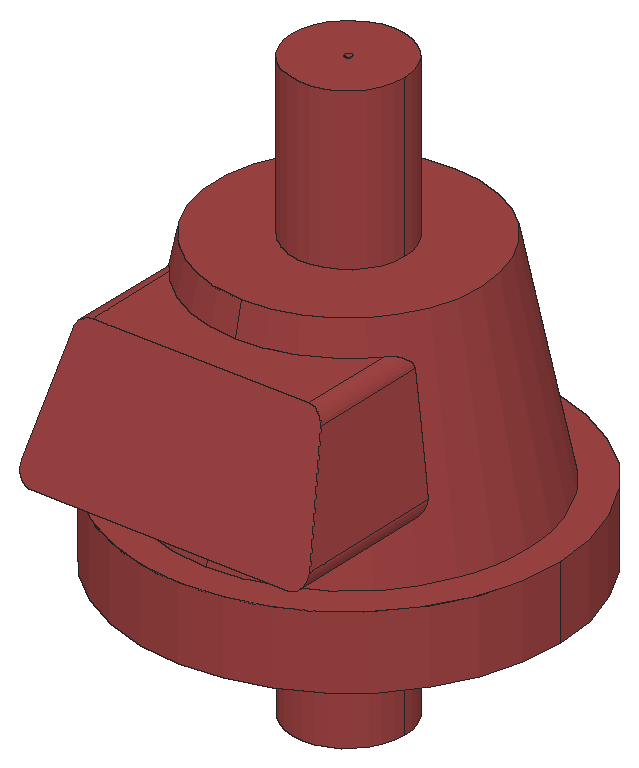
Revit family
Parameters (values of type "3" G/G")
  Weight = 0.13 kip
  Viking Part Number = "13764"
  Valve Radius = 1.750"
  Valve Nominal Radius = 1.500"
  Valve Height = 18.266"
  URL = "http://www.vikinggroupinc.com/databook/drysystems/equipment/011507.pdf"
  Rev. Date = ""
  Pressure Rating = 175.00 psi
  Model = "F-2"
  Manufacturer = "The Viking Corporation"
  Friction Loss (Feet of Sch 40 Pipe) = 3.000"
  Flange Thickness = 0.750"
  Flange Radius Top = 0.100"
  Flange Radius Bottom = 0.100"
  Description = "Dry Pipe Valve"
  Cover Top = 1.000"
  Cover Front Bottom Edge = 7.301"
  Cover Angle = 20.00°
  Body Sweep Top Radius = 4.145"
  Body Sweep Top = 13.305"
  Body Sweep Lower Radius = 5.543"
  Body Major Dia Top = 6.508"
  Body Major Radius = 6.578"
  Body Bottom = 4.250"
  Assembly Code = ""
Types (3): name | Weight | Viking Part Number | Valve Radius | Valve Nominal Radius | Valve Height | Friction Loss (Feet of Sch 40 Pipe) | Flange Thickness | Cover Front Bottom Edge | Cover Angle | Body Sweep Top Radius | Body Sweep Top | Body Sweep Lower Radius | Body Major Dia Top | Body Major Radius | Body Bottom
  3" G/G | 0.13 kip | "13764" | 1.750" | 1.500" | 18.266" | 3.000" | 0.750" | 7.301" | 20.00° | 4.145" | 13.305" | 5.543" | 6.508" | 6.578" | 4.250"
  4" G/G | 0.13 kip | "13765" | 2.250" | 2.000" | 18.281" | 5.000" | 0.938" | 7.301" | 20.00° | 4.145" | 13.242" | 5.543" | 6.441" | 6.578" | 4.188"
  6" G/G | 0.20 kip | "13766" | 3.313" | 3.000" | 20.063" | 49.000" | 1.000" | 7.555" | 15.00° | 3.438" | 16.832" | 6.059" | 7.473" | 7.313" | 4.750"
Reference planes (in)
  plane 1 "Center (Front/Back)": y = 0
  plane 2 "Valve Bottom": z = -0.5
  plane 3 "Valve Center Line": x = 0
  plane 4 "Body Bottom": z = 3.75
  plane 5 "Body Major Dia Top": z = 6.008
  plane 6 "Valve Top": z = 17.766
  plane 7 "Body Sweep Top": z = 12.805
  plane 8 "Cover Top Left": x = -3.775
  plane 9 "Cover Top Right": x = 3.775
  plane 10 "Cover Bottom Left": x = -4.5595
  plane 11 "Cover Bottom Right": x = 4.5595
  plane 12 "Cover Top": z = 11.805
  plane 13 "Cover Bottom": z = 7.508
  plane 14 "Cover Bottom Front Edge": y = -7.301
  plane 15: through (0, -5.12944, 13.46783) normal (0, -0.9397, 0.342)
  plane 16 "Valve Sweep Top Radius": y = -4.145
  plane 17 "Bottom Flange Thickness": z = 0.25
  plane 18 "Top Flange Thickness": z = 17.016
Forms (in)
  Extrusion 1, solid, material "Viking Valve Red"
    sketch origin (0, 0, 0) x (1, 0, 0) y (0, 1, 0)
      loop
        circle (0, 0) r 1.75
    from -0.5 to 17.766
  Extrusion 2, solid, material "Viking Valve Red"
    sketch origin (0, 0, 0) x (1, 0, 0) y (0, 1, 0)
      loop
        circle (0, 0) r 6.578
    from 3.75 to 6.008
  SweptBlend 3, solid, material "Viking Valve Red"
    path in 3D
      loop
        line (0, 0, 12.805) -> (0, 0, 6.008)
    profile origin (0, 0, 12.805) x (0, -1, 0) y (1, 0, 0)
      loop
        circle (0, 0) r 4.145
    end profile origin (0, 0, 6.008) x (0, -1, 0) y (1, 0, 0)
      loop
        circle (0, 0) r 5.543
  Extrusion 4, solid, material "Viking Valve Red"
    sketch origin (0, 0, 0) x (1, 0, 0) y (0, 0, 1)
      loop
        arc (-3.35013, 11.805) -> (-3.6739, 11.68602) -> (-3.84357, 11.3857) r 0.5
        line (-3.84357, 11.3857) -> (-4.46453, 8.0887)
        arc (-4.46453, 8.0887) -> (-4.35211, 7.68423) -> (-3.97109, 7.508) r 0.5
        line (-3.97109, 7.508) -> (3.97109, 7.508)
        arc (3.97109, 7.508) -> (4.35211, 7.68423) -> (4.46453, 8.0887) r 0.5
        line (4.46453, 8.0887) -> (3.84357, 11.3857)
        arc (3.84357, 11.3857) -> (3.6739, 11.68602) -> (3.35013, 11.805) r 0.5
        line (3.35013, 11.805) -> (-3.35013, 11.805)
    from 0 to 7.301
  Extrusion 5, void
    sketch origin (0, 0, 0) x (0, 1, 0) y (0, 0, 1)
      loop
        line (-5.73702, 11.805) -> (-7.301, 11.805) -> (-7.301, 7.508) -> (-5.73702, 11.805)
    from -4.5595 to 4.5595
  Extrusion 6, solid, material "Viking Valve Red"
    sketch origin (0, 0, 0) x (1, 0, 0) y (0, 1, 0)
      loop
        circle (0, 0) r 0.1
    from 17.016 to 17.766
  Extrusion 7, solid, material "Viking Valve Red"
    sketch origin (0, 0, 0) x (1, 0, 0) y (0, 1, 0)
      loop
        circle (0, 0) r 0.1
    from -0.5 to 0.25
Cuts and joins
  Extrusion 5 cuts Extrusion 4
  joined: Extrusion 1, Extrusion 2, SweptBlend 3, Extrusion 4
Lines and regions (in)
  model lines
    curve 1: line (0, 0, 12.805) -> (0, 0, 6.008)
  sketch lines
    curve 2: line (0, 0, 12.805) -> (0, 0, 6.008)
Dimensions and locks (in)
  "Body Bottom": plane 4 "Body Bottom" to plane 2 "Valve Bottom"
  "Body Major Dia Top": plane 5 "Body Major Dia Top" to plane 2 "Valve Bottom"
  "Valve Height": plane 6 "Valve Top" to plane 2 "Valve Bottom"
  "Body Sweep Top": plane 7 "Body Sweep Top" to plane 2 "Valve Bottom"
  equal spacing: plane 9 "Cover Top Right", plane 3 "Valve Center Line", plane 8 "Cover Top Left"
  locked: plane 9 "Cover Top Right" to plane 8 "Cover Top Left" at 7.55
  equal spacing: plane 11 "Cover Bottom Right", plane 3 "Valve Center Line", plane 10 "Cover Bottom Left"
  locked: plane 11 "Cover Bottom Right" to plane 10 "Cover Bottom Left" at 9.119
  "Cover Top": plane 7 "Body Sweep Top" to plane 12 "Cover Top"
  plane 13 "Cover Bottom" to plane 5 "Body Major Dia Top" = 1.500"
  "Cover Front Bottom Edge": plane 1 "Center (Front/Back)" to plane 14 "Cover Bottom Front Edge"
  "Body Sweep Top Radius": plane 1 "Center (Front/Back)" to plane 16 "Valve Sweep Top Radius"
  "Flange Thickness": plane 17 "Bottom Flange Thickness" to plane 2 "Valve Bottom"
  "Flange Thickness": plane 6 "Valve Top" to plane 18 "Top Flange Thickness"
  "Valve Radius": radius of Extrusion 1 sketch curve
  "Body Major Radius": radius of Extrusion 2 sketch curve
  "Body Sweep Top Radius": radius of SweptBlend 3 sketch curve
  "Body Sweep Lower Radius": radius of SweptBlend 3 sketch curve
  "Flange Radius Top": radius of Extrusion 6 sketch curve
  "Flange Radius Bottom": radius of Extrusion 7 sketch curve
  "Cover Angle": angle plane 1 "Center (Front/Back)" to plane 15
  aligned and locked: Extrusion 1 to plane 2 "Valve Bottom"
  aligned and locked: plane 6 "Valve Top" to Extrusion 1
  aligned and locked: plane 5 "Body Major Dia Top" to Extrusion 2
  aligned and locked: Extrusion 2 to plane 4 "Body Bottom"
  aligned and locked: plane 7 "Body Sweep Top" to curve 1
  aligned and locked: plane 5 "Body Major Dia Top" to curve 1
  aligned and locked: curve 1 to plane 3 "Valve Center Line"
  aligned and locked: plane 7 "Body Sweep Top" to SweptBlend 3
  aligned and locked: SweptBlend 3 to plane 5 "Body Major Dia Top"
  aligned and locked: Extrusion 4 to plane 14 "Cover Bottom Front Edge"
  aligned and locked: plane 6 "Valve Top" to Extrusion 6
  aligned and locked: Extrusion 6 to plane 18 "Top Flange Thickness"
  aligned and locked: Extrusion 7 to plane 2 "Valve Bottom"
  aligned and locked: plane 17 "Bottom Flange Thickness" to Extrusion 7
Automatic sketch dimensions
  Extrusion 1 sketch curve to plane 1 "Center (Front/Back)" = 0.000"
  Extrusion 1 sketch curve to plane 3 "Valve Center Line" = 0.000"
  Extrusion 2 sketch curve to plane 1 "Center (Front/Back)" = 0.000"
  Extrusion 2 sketch curve to plane 3 "Valve Center Line" = 0.000"
  SweptBlend 3 sketch curve to profile plane = 0.000"  (x4)
  Extrusion 5 sketch curve to plane 14 "Cover Bottom Front Edge" = 0.000"
  Extrusion 5 sketch curve to plane 12 "Cover Top" = 0.000"
  plane 15 to Extrusion 5 sketch curve = 0.00221"
  Extrusion 5 sketch curve to plane 13 "Cover Bottom" = 0.000"
  Extrusion 4 sketch curve to plane 13 "Cover Bottom" = 0.000"
  Extrusion 4 sketch curve to plane 12 "Cover Top" = 0.000"
  plane 10 "Cover Bottom Left" to Extrusion 4 sketch curve = 0.09497"
  Extrusion 4 sketch curve to plane 8 "Cover Top Left" = 0.19609"
  Extrusion 4 sketch curve to plane 8 "Cover Top Left" = 0.06857"
  plane 8 "Cover Top Left" to Extrusion 4 sketch curve = 0.42487"
  plane 9 "Cover Top Right" to Extrusion 4 sketch curve = 0.42487"
  Extrusion 4 sketch curve to plane 9 "Cover Top Right" = 0.06857"
  Extrusion 4 sketch curve to plane 9 "Cover Top Right" = 0.19609"
  Extrusion 4 sketch curve to plane 11 "Cover Bottom Right" = 0.09497"
  Extrusion 4 sketch curve to Extrusion 4 sketch curve = 0.500"  (x4)
  Extrusion 6 sketch curve to plane 1 "Center (Front/Back)" = 0.000"
  Extrusion 6 sketch curve to plane 3 "Valve Center Line" = 0.000"
  Extrusion 7 sketch curve to plane 1 "Center (Front/Back)" = 0.000"
  Extrusion 7 sketch curve to plane 3 "Valve Center Line" = 0.000"
Connectors (in)
  piping at (0, 0, 17.766), driven by "Valve Nominal Radius"
    settings: on cut or joined group of Extrusion 1, Extrusion 2, SweptBlend 3, Extrusion 4, Extrusion 5, index 1
  piping at (0, 0, -0.5), driven by "Valve Nominal Radius"
    settings: on cut or joined group of Extrusion 1, Extrusion 2, SweptBlend 3, Extrusion 4, Extrusion 5, index 2
